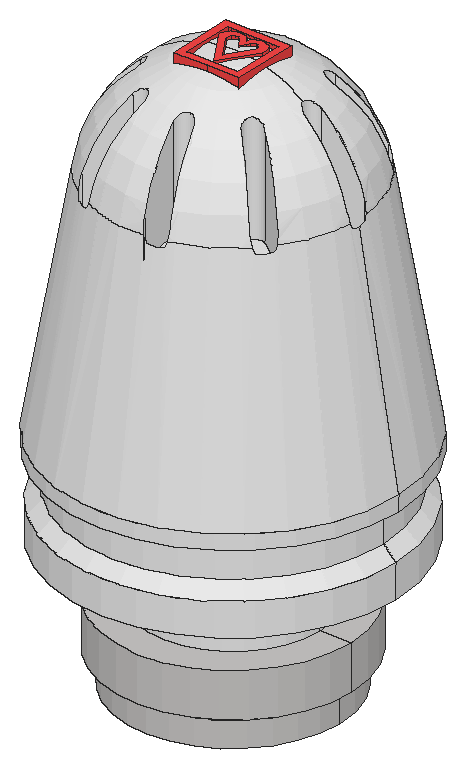
Revit family "Термостатическая головка HERZ-Design-MINI Turbo, с присоединительной резьбой М 28х1.5, 9200 13", category Rohrzubehör, Revit 2020
Family settings
  Bemaßung runder Anschluss = Durchmesser verwenden
  Teiletyp = Normal
  OmniClass-Nummer = 23.65.55.14
  OmniClass-Titel = Valves for Liquid Services
  Arbeitsebenenbasiert = Nein
  Immer vertikal = Nein
  Beim Laden mit Abzugskörper schneiden = Nein
  Gemeinsam genutzt = Nein
Parameters
  Принцип действия = "HERZ-термостатическая головка является датчиком прямого регулирования.\r\nИзменение объема жидкости в HERZ-гидросенсоре приводит в движение шток клапана."
  Область применения = "Для монтажа на всех HERZ-клапанах, предназначенных для термостатической работы."
  Номер заказа = 1920013  # constant formula
  Морозозащита = 6 °C  # constant formula
  Маховик = "Пластик, белый"  # constant formula
  Диапазон регулирования с морозозащитой = "6-30°C"  # constant formula
  Диапазон регулирования = "0-30°C"  # constant formula
  Vorgabe-Ansicht = 0 mm
  URL = "www.herz-armaturen.ru"
  S02 = 60 mm  # constant formula
  S01 = 73 mm  # constant formula
  Позиция теплового запирания "0" = "Термостатическая головка с жидкостным датчиком (гидросенсором) с позициями теплового запираниия \"0\" и морозозащиты, с ограничением и блокировкой диапазона регулирования."
  Hersteller = "HERZ Armaturen Ges.m.b.H."  # constant formula
  Позиция морозозащиты * = "Термостатическая головка с жидкостным датчиком (гидросенсором) с позицией морозозащиты и ограничением, блокировкой диапазона регулирования."
Reference planes
  plane 1 "Mitte (Vorne/hinten)": y = 0
  plane 2: z = 0
  plane 3 "Mitte (Links/rechts)": x = 0
Forms (mm)
  Revolve 1, solid, material "Kunststoff weiß", detail levels fine
    sketch origin (0, 0, 0) x (1, 0, 0) y (0, 0, 1)
      loop
        line (0, 0) -> (0, 73)
        arc (0, 73) -> (-11.397, 68.78) -> (-17.297, 58.156) r 17.5
        arc (-17.297, 58.156) -> (-20.011, 42.065) -> (-22.88, 26) r 1681.293
        line (-22.88, 26) -> (-22.88, 24) -> (-20.75, 24) -> (-20.75, 19.25) -> (-22.5, 17.5) -> (-22.5, 13) -> (-12.8, 13)
        arc (-12.8, 13) -> (-12.234, 12.766) -> (-12, 12.2) r 0.8
        line (-12, 12.2) -> (-12, 4.8) -> (-13.2, 4.8) -> (-13.2, 0) -> (0, 0)
      axis (0, 73) -> (0, 0)
    angle from 0 to 360
  Revolve 2, solid, material "Messing verzinkt", detail levels fine
    sketch origin (0, 0, 0) x (1, 0, 0) y (0, 0, 1)
      loop
        line (0, 0) -> (0, 5.5) -> (-16.35, 5.5) -> (-16.35, -0.576) -> (-14.75, -1.5) -> (-14.75, -5) -> (-13.35, -5) -> (-13.35, 0) -> (0, 0)
      axis (0, 5.5) -> (0, -5)
    angle from 0 to 360
  Extrusion 3, void
    sketch origin (0, 0, 0) x (1, 0, 0) y (0, 1, 0)
      loop
        arc (11.027, 1.298) -> (9.8, 0) -> (11.027, -1.298) r 1.3
        line (11.027, -1.298) -> (16.77, -1.62)
        arc (16.77, -1.62) -> (17.178, -1.485) -> (17.384, -1.107) r 0.586
        arc (17.384, -1.107) -> (17.453, 0.011) -> (17.382, 1.129) r 9
        arc (17.382, 1.129) -> (17.183, 1.492) -> (16.79, 1.621) r 0.564
        line (16.79, 1.621) -> (11.027, 1.298)
      loop
        line (9.282, 6.094) -> (13.904, 9.55)
        arc (13.904, 9.55) -> (14.121, 9.902) -> (14.04, 10.308) r 0.564
        arc (14.04, 10.308) -> (13.376, 11.21) -> (12.605, 12.023) r 9
        arc (12.605, 12.023) -> (12.205, 12.18) -> (11.805, 12.021) r 0.586
        line (11.805, 12.021) -> (7.613, 8.082)
        arc (7.613, 8.082) -> (7.507, 6.299) -> (9.282, 6.094) r 1.3
      loop
        arc (0.637, 11.085) -> (1.702, 9.651) -> (3.193, 10.634) r 1.3
        line (3.193, 10.634) -> (4.508, 16.234)
        arc (4.508, 16.234) -> (4.445, 16.659) -> (4.109, 16.928) r 0.586
        arc (4.109, 16.928) -> (3.02, 17.189) -> (1.907, 17.313) r 9
        arc (1.907, 17.313) -> (1.515, 17.181) -> (1.319, 16.816) r 0.564
        line (1.319, 16.816) -> (0.637, 11.085)
      loop
        line (-4.39, 10.199) -> (-6.991, 15.351)
        arc (-6.991, 15.351) -> (-7.3, 15.626) -> (-7.713, 15.617) r 0.564
        arc (-7.713, 15.617) -> (-8.717, 15.12) -> (-9.651, 14.501) r 9
        arc (-9.651, 14.501) -> (-9.875, 14.134) -> (-9.788, 13.713) r 0.586
        line (-9.788, 13.713) -> (-6.638, 8.901)
        arc (-6.638, 8.901) -> (-4.9, 8.487) -> (-4.39, 10.199) r 1.3
      loop
        arc (-10.806, 2.552) -> (-9.209, 3.352) -> (-9.918, 4.991) r 1.3
        line (-9.918, 4.991) -> (-15.204, 7.258)
        arc (-15.204, 7.258) -> (-15.634, 7.271) -> (-15.957, 6.986) r 0.586
        arc (-15.957, 6.986) -> (-16.404, 5.959) -> (-16.719, 4.884) r 9
        arc (-16.719, 4.884) -> (-16.657, 4.475) -> (-16.332, 4.219) r 0.564
        line (-16.332, 4.219) -> (-10.806, 2.552)
      loop
        line (-10.806, -2.552) -> (-16.332, -4.219)
        arc (-16.332, -4.219) -> (-16.657, -4.475) -> (-16.719, -4.884) r 0.564
        arc (-16.719, -4.884) -> (-16.404, -5.959) -> (-15.957, -6.986) r 9
        arc (-15.957, -6.986) -> (-15.634, -7.271) -> (-15.204, -7.258) r 0.586
        line (-15.204, -7.258) -> (-9.918, -4.991)
        arc (-9.918, -4.991) -> (-9.209, -3.352) -> (-10.806, -2.552) r 1.3
      loop
        arc (9.282, -6.094) -> (7.507, -6.299) -> (7.613, -8.082) r 1.3
        line (7.613, -8.082) -> (11.805, -12.021)
        arc (11.805, -12.021) -> (12.205, -12.18) -> (12.605, -12.023) r 0.586
        arc (12.605, -12.023) -> (13.376, -11.21) -> (14.04, -10.308) r 9
        arc (14.04, -10.308) -> (14.121, -9.902) -> (13.904, -9.55) r 0.564
        line (13.904, -9.55) -> (9.282, -6.094)
      loop
        line (0.637, -11.085) -> (1.319, -16.816)
        arc (1.319, -16.816) -> (1.515, -17.181) -> (1.907, -17.313) r 0.564
        arc (1.907, -17.313) -> (3.02, -17.189) -> (4.109, -16.928) r 9
        arc (4.109, -16.928) -> (4.445, -16.659) -> (4.508, -16.234) r 0.586
        line (4.508, -16.234) -> (3.193, -10.634)
        arc (3.193, -10.634) -> (1.702, -9.651) -> (0.637, -11.085) r 1.3
      loop
        arc (-4.39, -10.199) -> (-4.9, -8.487) -> (-6.638, -8.901) r 1.3
        line (-6.638, -8.901) -> (-9.788, -13.713)
        arc (-9.788, -13.713) -> (-9.875, -14.134) -> (-9.651, -14.501) r 0.586
        arc (-9.651, -14.501) -> (-8.717, -15.12) -> (-7.713, -15.617) r 9
        arc (-7.713, -15.617) -> (-7.3, -15.626) -> (-6.991, -15.351) r 0.564
        line (-6.991, -15.351) -> (-4.39, -10.199)
    from 55 to 73
Cuts and joins
  Extrusion 3 cuts Revolve 1
Lines and regions (mm)
  model lines, detail levels coarse+medium
    curve 1: line (0, 0, 0) -> (0, 0, 13)
    curve 2: line (0, -0.017, 0) -> (0, 13, 0)
    curve 3: circle (-0.018, 0, 43) r 30 normal (0, -1, 0)
    curve 4: circle (0, 0, 43) r 30 normal (1, 0, 0)
    curve 5: line (0, 0, 23) -> (0, 0, 63)
    curve 6: line (0, 17.5, 63) -> (0, -17.5, 63)
    curve 7: line (-0.018, 0, 23) -> (-0.018, 0, 63)
    curve 8: line (-17.518, 0, 63) -> (17.482, 0, 63)
    curve 9: circle (0, 43, 0) r 30 normal (0, 0, 1)
    curve 10: line (0, 63, 0) -> (0, 23, 0)
    curve 11: line (-17.5, 63, 0) -> (17.5, 63, 0)
Dimensions and locks
  "S01": curve 4 to plane 2
  "S01": curve 3 to plane 2
  "S01": plane 1 "Mitte (Vorne/hinten)" to curve 9
  "S02": diameter of curve 3
  "S02": diameter of curve 4
  "S02": diameter of curve 9
  aligned and locked: level to plane 2
Automatic sketch dimensions
  Revolve 1 sketch curve to level = 0 mm
  Revolve 1 sketch curve to plane 3 "Mitte (Links/rechts)" = 0 mm  (x2)
  Revolve 1 sketch curve to plane 3 "Mitte (Links/rechts)" = 12 mm
  Revolve 1 sketch curve to Revolve 1 sketch curve = 0.8 mm
  Revolve 1 sketch curve to Revolve 1 sketch curve = 1.2 mm
  Revolve 1 sketch curve to Revolve 1 sketch curve = 7.95 mm
  Revolve 1 sketch curve to Revolve 1 sketch curve = 1.75 mm  (x2)
  Revolve 1 sketch curve to Revolve 1 sketch curve = 2.13 mm
  level to Revolve 1 sketch curve = 329.658 mm
  Revolve 1 sketch curve to plane 3 "Mitte (Links/rechts)" = 1676.524 mm
  level to Revolve 1 sketch curve = 4.8 mm
  Revolve 1 sketch curve to Revolve 1 sketch curve = 7.4 mm
  Revolve 1 sketch curve to Revolve 1 sketch curve = 4.5 mm
  Revolve 1 sketch curve to Revolve 1 sketch curve = 4.75 mm
  Revolve 1 sketch curve to Revolve 1 sketch curve = 2 mm
  Revolve 1 sketch curve to Revolve 1 sketch curve = 29.5 mm
  Revolve 1 sketch curve to Revolve 1 sketch curve = 17.5 mm
  Revolve 1 sketch curve to level = 366.045 mm
  Revolve 1 sketch curve to Revolve 1 sketch curve = 2141.315 mm
  Revolve 2 sketch curve to level = 0 mm
  Revolve 2 sketch curve to plane 3 "Mitte (Links/rechts)" = 0 mm  (x2)
  Revolve 2 sketch curve to level = 5 mm
  Revolve 2 sketch curve to plane 3 "Mitte (Links/rechts)" = 13.35 mm
  Revolve 2 sketch curve to Revolve 2 sketch curve = 1.4 mm
  Revolve 2 sketch curve to level = 0.576 mm
  Revolve 2 sketch curve to Revolve 2 sketch curve = 1.6 mm
  Revolve 2 sketch curve to level = 1.5 mm
  level to Revolve 2 sketch curve = 5.5 mm
  Revolve 2 sketch curve to Revolve 2 sketch curve = 361.045 mm
  Revolve 2 sketch curve to Revolve 2 sketch curve = 2208.815 mm
  plane 1 "Mitte (Vorne/hinten)" to Extrusion 3 sketch curve = 0 mm  (x2)
  Extrusion 3 sketch curve to plane 1 "Mitte (Vorne/hinten)" = 4.219 mm
  Extrusion 3 sketch curve to plane 3 "Mitte (Links/rechts)" = 16.332 mm
  plane 1 "Mitte (Vorne/hinten)" to Extrusion 3 sketch curve = 4.219 mm
  Extrusion 3 sketch curve to Extrusion 3 sketch curve = 0 mm  (x11)
  Extrusion 3 sketch curve to Extrusion 3 sketch curve = 0.163 mm  (x2)
  Extrusion 3 sketch curve to Extrusion 3 sketch curve = 0.734 mm  (x2)
  plane 1 "Mitte (Vorne/hinten)" to Extrusion 3 sketch curve = 7.258 mm
  Extrusion 3 sketch curve to Extrusion 3 sketch curve = 0.231 mm  (x2)
  Extrusion 3 sketch curve to plane 1 "Mitte (Vorne/hinten)" = 7.258 mm
  plane 1 "Mitte (Vorne/hinten)" to Extrusion 3 sketch curve = 2.552 mm
  Extrusion 3 sketch curve to Extrusion 3 sketch curve = 5.526 mm
  Extrusion 3 sketch curve to plane 1 "Mitte (Vorne/hinten)" = 2.552 mm
  Extrusion 3 sketch curve to Extrusion 3 sketch curve = 0.375 mm  (x2)
  Extrusion 3 sketch curve to Extrusion 3 sketch curve = 0.512 mm  (x2)
  Extrusion 3 sketch curve to Extrusion 3 sketch curve = 5.416 mm  (x2)
  Extrusion 3 sketch curve to Extrusion 3 sketch curve = 0.49 mm  (x2)
  Extrusion 3 sketch curve to Extrusion 3 sketch curve = 2.488 mm  (x2)
  Extrusion 3 sketch curve to Extrusion 3 sketch curve = 1.803 mm  (x2)
  Extrusion 3 sketch curve to Extrusion 3 sketch curve = 0.504 mm  (x2)
  Extrusion 3 sketch curve to Extrusion 3 sketch curve = 3.281 mm  (x2)
  Extrusion 3 sketch curve to Extrusion 3 sketch curve = 1.088 mm  (x2)
  Extrusion 3 sketch curve to Extrusion 3 sketch curve = 1.16 mm  (x2)
  Extrusion 3 sketch curve to Extrusion 3 sketch curve = 1.324 mm  (x2)
  plane 3 "Mitte (Links/rechts)" to Extrusion 3 sketch curve = 0.637 mm  (x2)
  plane 3 "Mitte (Links/rechts)" to Extrusion 3 sketch curve = 1.319 mm  (x2)
  plane 3 "Mitte (Links/rechts)" to Extrusion 3 sketch curve = 1.468 mm  (x2)
  Extrusion 3 sketch curve to Extrusion 3 sketch curve = 0.561 mm  (x2)
  Extrusion 3 sketch curve to Extrusion 3 sketch curve = 1.291 mm  (x2)
  Extrusion 3 sketch curve to Extrusion 3 sketch curve = 1.266 mm  (x2)
  Extrusion 3 sketch curve to Extrusion 3 sketch curve = 2.058 mm  (x2)
  Extrusion 3 sketch curve to Extrusion 3 sketch curve = 0.57 mm  (x2)
  Extrusion 3 sketch curve to Extrusion 3 sketch curve = 5.007 mm  (x2)
  Extrusion 3 sketch curve to Extrusion 3 sketch curve = 1.138 mm  (x2)
  Extrusion 3 sketch curve to Extrusion 3 sketch curve = 1.978 mm
  Extrusion 3 sketch curve to Extrusion 3 sketch curve = 0.89 mm  (x2)
  Extrusion 3 sketch curve to Extrusion 3 sketch curve = 0.779 mm  (x2)
  plane 1 "Mitte (Vorne/hinten)" to Extrusion 3 sketch curve = 1.298 mm
  Extrusion 3 sketch curve to Extrusion 3 sketch curve = 2.575 mm
  Extrusion 3 sketch curve to Extrusion 3 sketch curve = 0.073 mm
  Extrusion 3 sketch curve to Extrusion 3 sketch curve = 4.192 mm  (x2)
  Extrusion 3 sketch curve to Extrusion 3 sketch curve = 0.401 mm  (x2)
  Extrusion 3 sketch curve to Extrusion 3 sketch curve = 1.36 mm  (x2)
  Extrusion 3 sketch curve to Extrusion 3 sketch curve = 0.338 mm  (x2)
  plane 1 "Mitte (Vorne/hinten)" to Extrusion 3 sketch curve = 1.62 mm
  Extrusion 3 sketch curve to Extrusion 3 sketch curve = 5.743 mm
  Extrusion 3 sketch curve to plane 1 "Mitte (Vorne/hinten)" = 1.621 mm
  Extrusion 3 sketch curve to Extrusion 3 sketch curve = 0.02 mm
  Extrusion 3 sketch curve to Extrusion 3 sketch curve = 0.033 mm
  Extrusion 3 sketch curve to Extrusion 3 sketch curve = 0.032 mm
  plane 1 "Mitte (Vorne/hinten)" to Extrusion 3 sketch curve = 7.32 mm
  Extrusion 3 sketch curve to Extrusion 3 sketch curve = 6.784 mm
  Extrusion 3 sketch curve to Extrusion 3 sketch curve = 1.004 mm
  Extrusion 3 sketch curve to Extrusion 3 sketch curve = 1.581 mm  (x2)
  Extrusion 3 sketch curve to Extrusion 3 sketch curve = 1.468 mm
  Extrusion 3 sketch curve to Extrusion 3 sketch curve = 0.712 mm  (x2)
  Extrusion 3 sketch curve to Extrusion 3 sketch curve = 0.452 mm  (x2)
  Extrusion 3 sketch curve to Extrusion 3 sketch curve = 2.31 mm  (x2)
  Extrusion 3 sketch curve to Extrusion 3 sketch curve = 0.297 mm  (x2)
  Extrusion 3 sketch curve to Extrusion 3 sketch curve = 1.591 mm  (x2)
  Extrusion 3 sketch curve to Extrusion 3 sketch curve = 0.427 mm  (x2)
  Extrusion 3 sketch curve to Extrusion 3 sketch curve = 4.812 mm  (x2)
  Extrusion 3 sketch curve to Extrusion 3 sketch curve = 0.321 mm  (x2)
  Extrusion 3 sketch curve to Extrusion 3 sketch curve = 1.063 mm  (x2)
  Extrusion 3 sketch curve to Extrusion 3 sketch curve = 0.254 mm  (x2)
  Extrusion 3 sketch curve to Extrusion 3 sketch curve = 5.599 mm  (x2)
  Extrusion 3 sketch curve to Extrusion 3 sketch curve = 0.134 mm  (x2)
  Extrusion 3 sketch curve to Extrusion 3 sketch curve = 0.382 mm  (x2)
  Extrusion 3 sketch curve to Extrusion 3 sketch curve = 0.067 mm  (x2)
  Extrusion 3 sketch curve to Extrusion 3 sketch curve = 0.947 mm
  Extrusion 3 sketch curve to Extrusion 3 sketch curve = 0.539 mm  (x2)
  Extrusion 3 sketch curve to Extrusion 3 sketch curve = 1.702 mm
  Extrusion 3 sketch curve to Extrusion 3 sketch curve = 2.439 mm
  Extrusion 3 sketch curve to Extrusion 3 sketch curve = 0.54 mm  (x2)
  Extrusion 3 sketch curve to Extrusion 3 sketch curve = 0.905 mm
  Extrusion 3 sketch curve to Extrusion 3 sketch curve = 0.585 mm
  Extrusion 3 sketch curve to Extrusion 3 sketch curve = 0.564 mm
  Extrusion 3 sketch curve to Extrusion 3 sketch curve = 0.339 mm
  Extrusion 3 sketch curve to Extrusion 3 sketch curve = 1.245 mm
  Extrusion 3 sketch curve to plane 1 "Mitte (Vorne/hinten)" = 5.433 mm
  Extrusion 3 sketch curve to Extrusion 3 sketch curve = 0.661 mm
  Extrusion 3 sketch curve to Extrusion 3 sketch curve = 1.041 mm
  Extrusion 3 sketch curve to Extrusion 3 sketch curve = 4.429 mm
  Extrusion 3 sketch curve to Extrusion 3 sketch curve = 2.891 mm
  Extrusion 3 sketch curve to Extrusion 3 sketch curve = 3.456 mm
  Extrusion 3 sketch curve to plane 1 "Mitte (Vorne/hinten)" = 1.298 mm  (x2)
  curve 5 to plane 1 "Mitte (Vorne/hinten)" = 0 mm
  curve 4 to plane 1 "Mitte (Vorne/hinten)" = 0 mm
  plane 1 "Mitte (Vorne/hinten)" to curve 6 = 17.5 mm
  curve 5 to curve 6 = 17.5 mm
  curve 5 to curve 4 = 20 mm
  curve 4 to curve 6 = 20 mm
  curve 1 to plane 3 "Mitte (Links/rechts)" = 0 mm
  curve 1 to level = 0 mm
  curve 3 to plane 3 "Mitte (Links/rechts)" = 0.018 mm
  curve 7 to plane 3 "Mitte (Links/rechts)" = 0.018 mm
  curve 8 to curve 7 = 17.5 mm
  plane 3 "Mitte (Links/rechts)" to curve 8 = 17.482 mm
  curve 1 to curve 7 = 10 mm
  curve 3 to curve 8 = 20 mm
  curve 9 to plane 3 "Mitte (Links/rechts)" = 0 mm
  curve 10 to plane 3 "Mitte (Links/rechts)" = 0 mm
  curve 2 to plane 3 "Mitte (Links/rechts)" = 0 mm
  curve 11 to curve 10 = 17.5 mm
  plane 3 "Mitte (Links/rechts)" to curve 11 = 17.5 mm
  plane 1 "Mitte (Vorne/hinten)" to curve 2 = 0.017 mm
  curve 2 to curve 10 = 10 mm
  curve 9 to curve 11 = 20 mm
Nested families
  nested 1: "Herz-Logo" at (0, 0, 71.5), type "Herz-Logo", detail levels fine
Definition of nested family "Herz-Logo"
  Parameters (values of type "Herz-Logo")
    Default Elevation = 0 mm
  Reference planes
    plane 1 "Mitte (Vorne/hinten)": y = 0
    plane 2: z = 0
    plane 3 "Mitte (Links/rechts)": x = 0
  Forms (mm)
    Extrusion 1, solid
      sketch origin (0, 0, 0) x (1, 0, 0) y (0, 1, 0)
        loop
          line (-0.018, -4.517) -> (4.482, -4.517) -> (4.482, 4.483) -> (-4.518, 4.483) -> (-4.518, -4.517) -> (-0.018, -4.517)
        loop
          line (-0.05, -3.48) -> (3.482, -3.48) -> (3.482, 3.483) -> (-3.518, 3.483) -> (-3.518, -3.48) -> (-0.05, -3.48)
        loop
          arc (-0.018, 2.383) -> (-1.543, 3.287) -> (-3.067, 2.383) r 1.738
          arc (-3.067, 2.383) -> (-3.191, 1.899) -> (-3.067, 1.415) r 1.009
          line (-3.067, 1.415) -> (-0.018, -3.281) -> (3.032, 1.415)
          arc (3.032, 1.415) -> (3.156, 1.899) -> (3.032, 2.383) r 1.009
          arc (3.032, 2.383) -> (1.507, 3.287) -> (-0.018, 2.383) r 1.738
        loop
          arc (1.885, 1.272) -> (2.005, 1.675) -> (1.885, 2.079) r 0.74
          arc (1.885, 2.079) -> (1.265, 2.416) -> (0.644, 2.079) r 0.74
          line (0.644, 2.079) -> (-0.018, 0.97) -> (-0.679, 2.079)
          arc (-0.679, 2.079) -> (-1.3, 2.416) -> (-1.921, 2.079) r 0.74
          arc (-1.921, 2.079) -> (-2.04, 1.675) -> (-1.921, 1.272) r 0.74
          line (-1.921, 1.272) -> (-0.018, -1.658) -> (1.885, 1.272)
      from 0 to 1.5
  Dimensions and locks
    aligned and locked: level to plane 2
